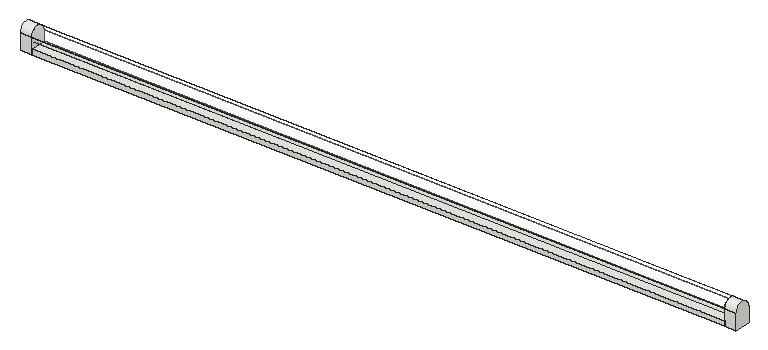
Revit family "Luminária linear", category Lighting Fixtures, Revit 2016
Family settings
  Part Type = Normal
  Round Connector Dimension = Use Diameter
  OmniClass Number = 23.80.70.11.14.14
  OmniClass Title = Uplights
  Work Plane-Based = No
  Always vertical = Yes
  Cut with Voids When Loaded = No
  Light Source = Yes
  Shared = No
  Room Calculation Point = No
Parameters (values of type "1200mm - 277V")
  Wattage = 100 W
  built-in parameter 1150110 = 1 (stored number, unit not read)
  built-in parameter 1114217 = 0.88 (stored number, unit not read)
  built-in parameter 1150109 = 1 (stored number, unit not read)
  built-in parameter 1150134 = 8
  built-in parameter 1150113 = 1 (stored number, unit not read)
  built-in parameter 1150115 = 1 (stored number, unit not read)
  built-in parameter 1150105 = 626.67 (stored number, unit not read)
  Light Source Symbol Size = 609.6 mm
  Classificação de carga = Iluminação - Unidade de interrupção
  built-in parameter 1150137 = 1
  built-in parameter 1150139 = (empty or 0)
  built-in parameter 1150112 = 1 (stored number, unit not read)
  built-in parameter 1150114 = 1 (stored number, unit not read)
  built-in parameter 1150132 = (empty or 0)
  built-in parameter 1150102 = (empty or 0)
  built-in parameter 1150138 = (empty or 0)
  built-in parameter 1150107 = 4230 (stored number, unit not read)
  built-in parameter 1150106 = 6.2667 (stored number, unit not read)
  Emit from Line Length = Comprimento da luz - 38 mm  # 1162 mm
  built-in parameter 1150104 = 7.3161 (stored number, unit not read)
  Dimming Lamp Color Temperature Shift = <None>
  Color Filter = 12615680
  Voltagem do transformador = 277 V
  Transformador por número de postes = 1
  built-in parameter 1114218 = 0.88 (stored number, unit not read)
  built-in parameter 1150133 = 10 (stored number, unit not read)
  Assembly Code = "D5020210"
  Lamp = "T-12"
  Comprimento da luz = 1200 mm
  Elevação da luz = 1500 mm
  Lumens = 7875 lm
  Wattage Comments = "40"
  Apparent Load = 40 VA
Types (5, lengths in mm): name | Wattage | built-in parameter 1114217 | built-in parameter 1150134 | built-in parameter 1150105 | built-in parameter 1150137 | built-in parameter 1150107 | built-in parameter 1150106 | Emit from Line Length | built-in parameter 1150104 | Color Filter | Voltagem do transformador | Lamp | Comprimento da luz | Lumens | Wattage Comments | Apparent Load
  1200mm - 120V | 40 W | 0.88 (stored number, unit not read) | 8 | 250.67 (stored number, unit not read) | 1 | 4230 (stored number, unit not read) | 2.5067 (stored number, unit not read) | 1162 | 7.3161 (stored number, unit not read) | 16777215 | 120 V | "T-12" | 1200 | 3150 lm | "40" | 40 VA
  0600mm - 120V | 17 W | 0.88 (stored number, unit not read) | 8 | 107.43 (stored number, unit not read) | 1 | 4230 (stored number, unit not read) | 1.0743 (stored number, unit not read) | 562 | 7.3774 (stored number, unit not read) | 16777215 | 120 V | "T-8" | 600 | 1349.97 lm | "17" | 17 VA
  0600mm - 277V | 70 W | 0.88 (stored number, unit not read) | 7 | 442.35 (stored number, unit not read) | 1 | 2940 (stored number, unit not read) | 4.4235 (stored number, unit not read) | 562 | 7.3774 (stored number, unit not read) | 16777215 | 277 V | "T-8" | 600 | 5558.7 lm | "17" | 17 VA
  1200mm - 277V | 100 W | 0.88 (stored number, unit not read) | 8 | 626.67 (stored number, unit not read) | 1 | 4230 (stored number, unit not read) | 6.2667 (stored number, unit not read) | 1162 | 7.3161 (stored number, unit not read) | 12615680 | 277 V | "T-12" | 1200 | 7875 lm | "40" | 40 VA
  Luz tubular painel quarto | 100 W | 1 (stored number, unit not read) | 2 | 795.77 (stored number, unit not read) | (empty or 0) | 5000 (stored number, unit not read) | 7.9577 (stored number, unit not read) | 4020 | 9.2903 (stored number, unit not read) | 16777215 | 277 V | "T-8" | 4058 | 10000 lm | "17" | 17 VA
Reference planes
  plane 1 "Eixo de origem da luz": y = 0
  plane 2: z = 0
  plane 3 "Eixo de origem da luz": x = 0
  plane 4 "Elevação da origem da luz": z = 1525.4
  plane 5: x = -600
  plane 6: x = 600
  plane 7: x = 580.95
  plane 8: x = -580.95
  plane 9: z = 1500
Forms (mm)
  Sweep 1, solid, material "Vidro - Branco. Alta luminosidade"
    path origin (0, 0, 1525.4) x (0, -1, 0) y (1, 0, 0)
      loop
        line (0, -580.95) -> (0, 580.95)
    profile origin (0, 0, 1371.6) x (0, 1, 0) y (0, 0, 1)
      loop
        circle (0, 153.8) r 12.7
  Extrusion 2, solid, material "Metal - Acabamento pintado - Marfim, Brilho"
    sketch origin (-580.95, 0, 1666.5) x (0, 0, 1) y (0, 1, 0)
      loop
        line (-166.5, 12.7) -> (-166.5, -12.7) -> (-141.1, -12.7)
        arc (-141.1, -12.7) -> (-128.4, 0) -> (-141.1, 12.7) r 12.7
        line (-141.1, 12.7) -> (-166.5, 12.7)
    from 0 to 19.05
  Extrusion 3, solid, material "Metal - Acabamento pintado - Marfim, Brilho"
    sketch origin (580.95, 0, 1512.7) x (0, 1, 0) y (0, 0, 1)
      loop
        line (-12.7, -12.7) -> (12.7, -12.7) -> (12.7, 12.7)
        arc (12.7, 12.7) -> (0, 25.4) -> (-12.7, 12.7) r 12.7
        line (-12.7, 12.7) -> (-12.7, -12.7)
    from 0 to 19.05
  Extrusion 4, solid, material "Metal - Acabamento pintado - Marfim, Brilho"
    sketch origin (600, 0, 1512.7) x (0, 1, 0) y (0, 0, 1)
      loop
        line (12.7, -12.7) -> (12.7, -4.031) -> (-12.7, -4.031) -> (-12.7, -12.7) -> (12.7, -12.7)
    from -1180.95 to -19.05
Lines and regions (mm)
  symbolic lines
    curve 1: line (600, 12.7, 0) -> (-600, 12.7, 0)
    curve 2: line (600, -12.7, 0) -> (600, 12.7, 0)
    curve 3: line (-600, -12.7, 0) -> (600, -12.7, 0)
    curve 4: line (-600, 12.7, 0) -> (-600, -12.7, 0)
Dimensions and locks
  equal spacing: plane 5, plane 3 "Eixo de origem da luz", plane 6
  "Comprimento da luz": plane 5 to plane 6
  locked: plane 5 to plane 8 at 19.05
  locked: plane 7 to plane 6 at 19.05
  locked: plane 4 "Elevação da origem da luz" to plane 9 at 25.4
  "Elevação da luz": plane 9 to plane 2
  aligned and locked: plane 8 to Sweep 1 sketch curve
  aligned and locked: plane 7 to Sweep 1 sketch curve
  aligned and locked: Extrusion 2 to Sweep 1
  aligned and locked: Extrusion 3 sketch curve to Sweep 1
  aligned and locked: Extrusion 3 to Sweep 1
  aligned and locked: Extrusion 3 to plane 6
  aligned and locked: Extrusion 4 sketch curve to Extrusion 2  (x3)
  aligned and locked: Extrusion 4 to Sweep 1
  aligned and locked: curve 1 to plane 6
  aligned and locked: curve 4 to Extrusion 2  (x2)
  aligned and locked: plane 9 to Extrusion 2
  aligned and locked: Extrusion 2 to plane 5
  aligned and locked: plane 8 to Extrusion 4
  aligned and locked: plane 3 "Eixo de origem da luz" to imposter light
  aligned and locked: plane 1 "Eixo de origem da luz" to imposter light
  aligned and locked: plane 4 "Elevação da origem da luz" to imposter light
Automatic sketch dimensions
  Sweep 1 sketch curve to plane 4 "Elevação da origem da luz" = 0 mm
  Sweep 1 sketch curve to profile plane = 0 mm
  profile plane to Sweep 1 sketch curve = 12.7 mm
  Sweep 1 sketch curve to plane 1 "Eixo de origem da luz" = 0 mm
  Extrusion 2 sketch curve to plane 1 "Eixo de origem da luz" = 0 mm
  Extrusion 2 sketch curve to plane 4 "Elevação da origem da luz" = 0 mm
  Extrusion 2 sketch curve to Extrusion 2 sketch curve = 25.4 mm
  plane 1 "Eixo de origem da luz" to Extrusion 2 sketch curve = 12.7 mm
  Extrusion 3 sketch curve to Extrusion 3 sketch curve = 25.4 mm
  Extrusion 4 sketch curve to Extrusion 4 sketch curve = 8.669 mm
  curve 4 to plane 1 "Eixo de origem da luz" = 12.7 mm
Connectors
  electrical at (0, 0, 1500), driven by "Apparent Load", driven by "Voltagem do transformador", driven by "Transformador por número de postes", driven by "Classificação de carga"
    settings: on Extrusion 4, index 1, voltage 277 V, apparent load 0 VA, apparent load phase1 40 VA, apparent load phase2 0 VA, apparent load phase3 0 VA, power factor 0.95, load classification "Iluminação - Unidade de interrupção", number of poles 1, system type 31, power factor state 1, is connector primary yes, connector utility no, sub classification motor no, connector description ""
